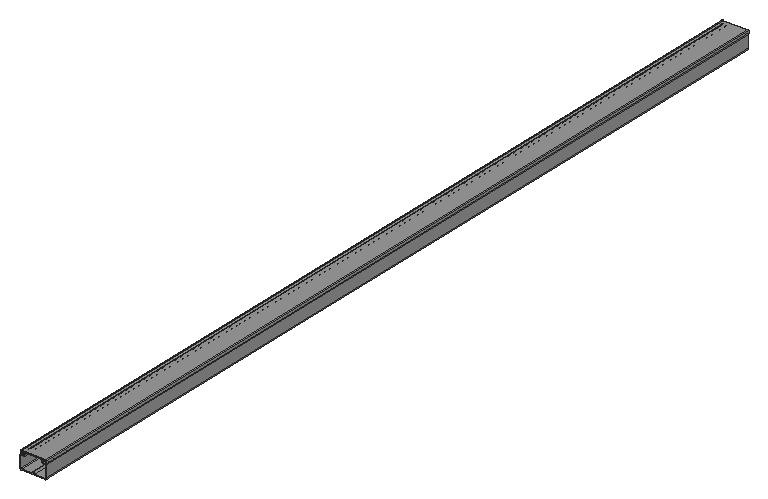
Revit family "Wand und Deckenkanal-WDK40060RW", category Generic Models, Revit 2017
Family settings
  Can host rebar = No
  Round Connector Dimension = Use Diameter
  Part Type = Normal
  Work Plane-Based = No
  Always vertical = Yes
  Cut with Voids When Loaded = No
  Shared = No
  Room Calculation Point = No
Parameters (values of type "WDK40060RW")
  Width = 60 mm
  URL = "http://www.obo-bettermann.com"
  Material = Polyvinylchloride
  Manufacturer Art.No. = "WDK40060RW"
  Manufacturer = "OBO BETTERMANN"
  Length = 2000 mm
  Height = 40 mm
  GTIN = "4012196794355"
  Article Type = "6191134"
Reference planes
  plane 1 "Center (Front/Back)": y = 0
  plane 2: z = 0
  plane 3 "Center (Left/Right)": x = 0
  plane 4: x = 60
  plane 5: z = 38.2
  plane 6: x = 30
  plane 7: x = 29.1
  plane 8: x = 30.9
  plane 9: x = 27.25
  plane 10: x = 32.75
  plane 11: z = 6.543
  plane 12: x = 30
  plane 13: x = 59.43
  plane 14: x = 0.57
  plane 15: z = 30.9
  plane 16: x = 4.07
  plane 17: x = 6.67
  plane 18: x = 8.54
  plane 19: x = 11.19
  plane 20: z = 32.4
  plane 21: z = 35.7
  plane 22: x = 6.67
  plane 23: z = 35.7
  plane 24: z = 34.468
  plane 25: z = 33.268
  plane 26: y = 2000
  plane 27: z = 40
  plane 28: z = 31.656
  plane 29: x = 60
  plane 30: x = 2.318
  plane 31: x = 30
Forms (mm)
  Extrusion 1, solid, material "Polyvinylchloride" <- "Material"
    sketch origin (0, 0, 0) x (1, 0, 0) y (0, 0, 1)
      loop
        line (3, 0) -> (57, 0)
        arc (57, 0) -> (59.121, 0.879) -> (60, 3) r 3
        line (60, 3) -> (60, 30.216) -> (57.43, 33.278) -> (57.43, 34.468) -> (59.43, 35.7) -> (59.43, 36.92) -> (58.844, 37.935)
        arc (58.844, 37.935) -> (58.49, 38.171) -> (58.086, 38.035) r 0.482
        line (58.086, 38.035) -> (55.93, 35.878) -> (55.93, 33.234)
        arc (55.93, 33.234) -> (56.081, 32.82) -> (55.93, 32.407) r 0.642
        line (55.93, 32.407) -> (52.957, 32.407)
        arc (52.957, 32.407) -> (52.491, 32.664) -> (52.458, 33.195) r 0.552
        line (52.458, 33.195) -> (53.125, 34.599)
        arc (53.125, 34.599) -> (52.602, 35.61) -> (51.475, 35.446) r 0.981
        line (51.475, 35.446) -> (49.636, 34.442)
        arc (49.636, 34.442) -> (48.889, 33.347) -> (49.336, 32.099) r 1.458
        line (49.336, 32.099) -> (51.433, 30.9) -> (57.468, 30.9) -> (58.5, 29.67) -> (58.5, 3)
        arc (58.5, 3) -> (58.061, 1.939) -> (57, 1.5) r 1.5
        line (57, 1.5) -> (30.9, 1.5) -> (30.9, 3.543) -> (32.75, 3.543) -> (31.297, 6.059)
        arc (31.297, 6.059) -> (30.014, 6.545) -> (28.72, 6.089) r 2
        line (28.72, 6.089) -> (27.25, 3.543) -> (29.1, 3.543) -> (29.1, 1.5) -> (3, 1.5)
        arc (3, 1.5) -> (1.939, 1.939) -> (1.5, 3) r 1.5
        line (1.5, 3) -> (1.5, 29.67) -> (2.532, 30.9) -> (8.567, 30.9) -> (10.664, 32.099)
        arc (10.664, 32.099) -> (11.111, 33.347) -> (10.364, 34.442) r 1.458
        line (10.364, 34.442) -> (8.525, 35.446)
        arc (8.525, 35.446) -> (7.398, 35.61) -> (6.875, 34.599) r 0.981
        line (6.875, 34.599) -> (7.542, 33.195)
        arc (7.542, 33.195) -> (7.509, 32.664) -> (7.043, 32.407) r 0.552
        line (7.043, 32.407) -> (4.07, 32.407)
        arc (4.07, 32.407) -> (3.919, 32.82) -> (4.07, 33.234) r 0.642
        line (4.07, 33.234) -> (4.07, 35.878) -> (1.914, 38.035)
        arc (1.914, 38.035) -> (1.51, 38.171) -> (1.156, 37.935) r 0.482
        line (1.156, 37.935) -> (0.57, 36.92) -> (0.57, 35.7) -> (2.57, 34.468) -> (2.57, 33.278) -> (0, 30.216) -> (0, 3)
        arc (0, 3) -> (0.879, 0.879) -> (3, 0) r 3
    from 0 to -2000
  Extrusion 2, solid, material "Polyvinylchloride" <- "Material"
    sketch origin (0, 0, 0) x (1, 0, 0) y (0, 0, 1)
      loop
        arc (1.8, 40) -> (0.527, 39.473) -> (0, 38.2) r 1.8
        line (0, 38.2) -> (0, 32.201)
        arc (0, 32.201) -> (0.489, 31.642) -> (1.109, 32.052) r 0.564
        arc (1.109, 32.052) -> (1.555, 32.897) -> (2.318, 33.473) r 2.2
        line (2.318, 33.473) -> (2.318, 34.269) -> (0.57, 35.278) -> (0.57, 38.092)
        arc (0.57, 38.092) -> (0.748, 38.522) -> (1.178, 38.7) r 0.608
        line (1.178, 38.7) -> (58.822, 38.7)
        arc (58.822, 38.7) -> (59.252, 38.522) -> (59.43, 38.092) r 0.608
        line (59.43, 38.092) -> (59.43, 35.278) -> (57.682, 34.269) -> (57.682, 33.473)
        arc (57.682, 33.473) -> (58.445, 32.897) -> (58.891, 32.052) r 2.2
        arc (58.891, 32.052) -> (59.511, 31.642) -> (60, 32.201) r 0.564
        line (60, 32.201) -> (60, 38.2)
        arc (60, 38.2) -> (59.473, 39.473) -> (58.2, 40) r 1.8
        line (58.2, 40) -> (1.8, 40)
    from -2000 to 0
Dimensions and locks
  locked: Extrusion 1 sketch curve to plane 6 at 30
  locked: plane 6 to plane 7 at 0.9
  locked: plane 10 to plane 6 at 2.75
  locked: plane 6 to plane 9 at 2.75
  locked: plane 11 to Extrusion 1 sketch curve at 3
  locked: Extrusion 1 sketch curve to Extrusion 1 sketch curve at 6.545
  locked: Extrusion 1 sketch curve to Extrusion 1 sketch curve at 3.002  (x2)
  locked: Extrusion 1 sketch curve to Extrusion 1 sketch curve at 5.5
  locked: Extrusion 1 sketch curve to Extrusion 1 sketch curve at 1.8
  Extrusion 1 sketch curve to Extrusion 1 sketch curve = 3.002 mm
  locked: Extrusion 1 sketch curve to Extrusion 1 sketch curve at 1.5  (x3)
  locked: plane 12 to plane 13 at 29.43
  locked: plane 14 to plane 12 at 29.43
  locked: plane 5 to plane 15 at 7.3
  locked: plane 16 to plane 14 at 3.5
  locked: plane 18 to plane 16 at 4.47
  plane 17 to plane 16 = 2.6 mm
  Extrusion 1 sketch curve to plane 19 = 11.19 mm
  locked: plane 20 to plane 15 at 1.5
  locked: plane 21 to plane 15 at 4.8
  locked: plane 24 to plane 25 at 1.2
  locked: Extrusion 1 sketch curve to Extrusion 1 sketch curve at 3.5  (x2)
  locked: Extrusion 1 sketch curve to Extrusion 1 sketch curve at 11.123
  locked: Extrusion 1 sketch curve to Extrusion 1 sketch curve at 7.276  (x2)
  locked: Extrusion 1 sketch curve to Extrusion 1 sketch curve at 1.507  (x2)
  locked: Extrusion 1 sketch curve to Extrusion 1 sketch curve at 7.053  (x2)
  locked: Extrusion 1 sketch curve to Extrusion 1 sketch curve at 1.19  (x2)
  locked: Extrusion 1 sketch curve to Extrusion 1 sketch curve at 1.22  (x2)
  locked: Extrusion 1 to Extrusion 1 at 60
  locked: Extrusion 1 to Extrusion 1 at 38.176  (x2)
  locked: plane 27 to level at 40
  locked: plane 27 to plane 28 at 8.344
  locked: Extrusion 2 sketch curve to Extrusion 2 sketch curve at 8.363
  locked: Extrusion 2 sketch curve to Extrusion 2 sketch curve at 1.3
  locked: Extrusion 2 sketch curve to Extrusion 2 sketch curve at 0.796  (x2)
  Extrusion 2 sketch curve to Extrusion 2 sketch curve = 2.318 mm
  plane 30 to plane 3 "Center (Left/Right)" = 2.318 mm
  Extrusion 2 sketch curve to Extrusion 1 = 0.57 mm
  locked: plane 31 to plane 3 "Center (Left/Right)" at 30
  locked: Extrusion 2 sketch curve to Extrusion 2 sketch curve at 0.57  (x2)
  angle Extrusion 1 sketch curve to Extrusion 1 sketch curve = 60.00°
  angle plane 15 to Extrusion 1 sketch curve = 29.7665°
  aligned and locked: level to plane 2
  aligned and locked: plane 12 to plane 6
  aligned and locked: plane 4 to Extrusion 1 sketch curve
  aligned and locked: Extrusion 1 sketch curve to plane 15
  aligned and locked: plane 24 to Extrusion 1 sketch curve
  aligned and locked: plane 1 "Center (Front/Back)" to Extrusion 1
  aligned and locked: plane 29 to Extrusion 1
  aligned and locked: Extrusion 2 to plane 3 "Center (Left/Right)"
  aligned and locked: Extrusion 1 to Extrusion 2
  aligned and locked: Extrusion 2 to Extrusion 1  (x2)
Automatic sketch dimensions
  Extrusion 1 sketch curve to Extrusion 1 sketch curve = 0 mm  (x5)
  Extrusion 1 sketch curve to plane 16 = 0 mm
  Extrusion 1 sketch curve to plane 9 = 0 mm
  Extrusion 1 sketch curve to plane 7 = 0 mm
  Extrusion 1 sketch curve to plane 15 = 0 mm
  Extrusion 1 sketch curve to plane 24 = 0 mm
  Extrusion 1 sketch curve to plane 13 = 0 mm
  Extrusion 1 sketch curve to plane 21 = 0 mm  (x2)
  Extrusion 1 sketch curve to plane 5 = 0.265 mm
  plane 14 to Extrusion 1 sketch curve = 0.586 mm
  Extrusion 1 sketch curve to plane 5 = 0.165 mm  (x2)
  Extrusion 1 sketch curve to plane 16 = 1.538 mm
  Extrusion 1 sketch curve to plane 16 = 1.5 mm
  Extrusion 1 sketch curve to plane 16 = 1.07 mm
  plane 16 to Extrusion 1 sketch curve = 0.491 mm
  plane 17 to Extrusion 1 sketch curve = 0.205 mm
  plane 17 to Extrusion 1 sketch curve = 0.373 mm
  Extrusion 1 sketch curve to plane 25 = 0.073 mm  (x2)
  Extrusion 1 sketch curve to Extrusion 1 sketch curve = 0.499 mm  (x2)
  plane 24 to Extrusion 1 sketch curve = 0.27 mm  (x2)
  Extrusion 1 sketch curve to Extrusion 1 sketch curve = 0.971 mm
  Extrusion 1 sketch curve to plane 18 = 0.015 mm
  plane 18 to Extrusion 1 sketch curve = 0.027 mm
  Extrusion 1 sketch curve to plane 25 = 0.106 mm
  plane 18 to Extrusion 1 sketch curve = 1.125 mm
  Extrusion 1 sketch curve to plane 24 = 0.027 mm  (x2)
  Extrusion 1 sketch curve to plane 6 = 0.009 mm
  plane 8 to Extrusion 1 sketch curve = 0.397 mm
  Extrusion 1 sketch curve to plane 20 = 0.301 mm
  Extrusion 1 sketch curve to Extrusion 1 sketch curve = 6.594 mm
  Extrusion 1 sketch curve to Extrusion 1 sketch curve = 0.3 mm
  Extrusion 1 sketch curve to Extrusion 1 sketch curve = 2.097 mm
  Extrusion 1 sketch curve to plane 21 = 0.254 mm
  Extrusion 1 sketch curve to Extrusion 1 sketch curve = 1.839 mm
  Extrusion 1 sketch curve to Extrusion 1 sketch curve = 0.679 mm
  Extrusion 1 sketch curve to Extrusion 1 sketch curve = 0.305 mm
  Extrusion 1 sketch curve to Extrusion 1 sketch curve = 0.491 mm  (x2)
  Extrusion 1 sketch curve to Extrusion 1 sketch curve = 1.5 mm  (x2)
  Extrusion 1 sketch curve to Extrusion 1 sketch curve = 1.032 mm
  Extrusion 1 sketch curve to plane 13 = 1.344 mm
  Extrusion 1 sketch curve to Extrusion 1 sketch curve = 0.341 mm
  Extrusion 1 sketch curve to Extrusion 1 sketch curve = 1.002 mm
  Extrusion 1 sketch curve to plane 15 = 1.23 mm  (x2)
  Extrusion 1 sketch curve to plane 15 = 0.684 mm  (x2)
  plane 20 to Extrusion 1 sketch curve = 0.42 mm  (x2)
  Extrusion 2 sketch curve to plane 27 = 0 mm
  plane 29 to Extrusion 2 sketch curve = 0 mm
  plane 28 to Extrusion 2 sketch curve = 0.545 mm  (x2)
  Extrusion 2 sketch curve to Extrusion 2 sketch curve = 0.608 mm  (x2)
  Extrusion 2 sketch curve to plane 30 = 0.518 mm
  Extrusion 2 sketch curve to plane 28 = 0.185 mm  (x2)
  plane 30 to Extrusion 2 sketch curve = 0.912 mm
  plane 29 to Extrusion 2 sketch curve = 3.231 mm
  Extrusion 2 sketch curve to Extrusion 2 sketch curve = 0.912 mm
  plane 29 to Extrusion 2 sketch curve = 0.564 mm
  plane 28 to Extrusion 2 sketch curve = 1.817 mm  (x2)
  Extrusion 2 sketch curve to Extrusion 2 sketch curve = 1.009 mm  (x2)
  Extrusion 2 sketch curve to Extrusion 2 sketch curve = 0.622 mm
